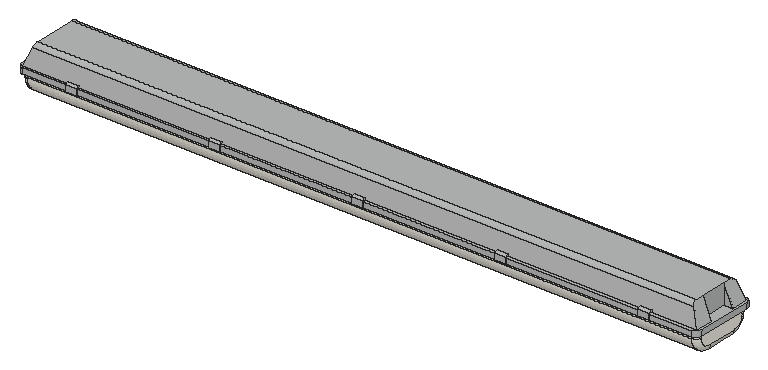
Revit family "SLIM", category Осветительные приборы, Revit 2019 (continued)
Types (5, lengths in mm): name | Файл фотометрической сетки | built-in parameter 1150142 | ADSK_Обозначение | ADSK_Наименование | ADSK_Код изделия
    7.581 24.983 \r\n22.684 20.486 18.587 16.888 15.190 13.591 10.893 8.194 5.396 2.698 0.000 \r\n1407.335 1403.038 1398.141 1397.042 1398.141 1395.743 1387.648 1378.455 1365.763 1349.375 1329.288 1307.903 1290.215 1274.626 1255.739 1233.654 1209.271 1182.389 \r\n1153.409 1120.132 1087.154 1054.976 1018.901 981.327 939.656 895.985 852.515 814.242 779.166 748.587 716.309 682.932 643.559 597.890 551.322 505.253 458.985 412.417 369.347 328.775 \r\n290.401 255.924 225.845 199.763 176.679 157.692 142.302 128.912 117.020 106.127 96.734 88.239 80.745 74.049 68.053 62.557 57.660 52.864 48.567 44.470 37.774 34.276 31.179 28.480 25.782 \r\n23.384 21.185 19.187 17.388 15.689 13.990 11.192 8.394 5.596 2.798 0.000 \r\n1407.335 1403.038 1398.241 1397.442 1398.941 1396.942 1389.147 1380.253 1367.762 1351.473 1331.587 1310.301 1292.913 1277.824 1259.236 1237.451 1213.368 1186.786 \r\n1158.106 1125.128 1092.351 1060.473 1024.697 987.123 945.552 901.981 858.411 820.138 785.261 754.982 722.904 689.727 650.454 604.685 557.917 511.649 465.281 418.313 375.143 334.271 \r\n295.697 261.021 230.742 204.460 180.976 161.689 145.900 132.009 119.918 108.725 99.132 90.338 82.643 75.848 69.652 64.056 59.059 54.163 49.766 45.469 38.973 35.376 32.078 29.380 26.582 \r\n24.083 21.885 19.886 17.988 16.189 14.490 11.592 8.694 5.796 2.898 0.000 \r\n1407.335 1403.038 1398.441 1397.841 1399.840 1398.141 1390.646 1381.952 1369.761 1353.672 1333.785 1312.700 1295.511 1280.921 1262.734 1241.249 1217.565 1191.283 \r\n1162.803 1130.025 1097.547 1065.869 1030.393 993.019 951.447 907.977 864.207 826.033 791.257 761.278 729.600 696.622 657.349 611.481 564.513 518.045 471.477 424.209 380.839 339.667 \r\n300.994 266.018 235.538 209.057 185.273 165.686 149.398 135.207 122.716 111.324 101.430 92.537 84.642 77.647 71.351 65.555 60.459 55.462 50.865 46.568 40.172 36.375 33.077 30.279 27.381 \r\n24.783 22.485 20.486 18.487 16.689 14.890 11.892 8.894 5.996 2.998 0.000 \r\n1407.335 1403.038 1398.541 1398.241 1400.639 1399.440 1392.145 1383.751 1371.759 1355.870 1336.084 1315.098 1298.210 1284.119 1266.232 1245.046 1221.662 1195.780 \r\n1167.599 1134.922 1102.644 1071.365 1036.089 998.915 957.343 913.873 870.003 831.929 797.253 767.673 736.195 703.517 664.244 618.276 571.008 524.340 477.672 430.205 386.535 345.163 \r\n306.190 271.114 240.435 213.653 189.570 169.584 152.995 138.405 125.614 113.922 103.829 94.635 86.641 79.446 72.950 67.054 61.858 56.761 52.064 47.667 41.372 37.474 34.077 31.179 28.181 \r\n25.582 23.184 21.086 18.987 17.188 15.290 12.292 9.194 6.096 3.098 0.000 \r\n1407.335 1403.038 1398.641 1398.741 1401.439 1400.639 1393.644 1385.550 1373.758 1357.969 1338.282 1317.396 1300.908 1287.217 1269.729 1248.843 1225.759 1200.177 \r\n1172.296 1139.818 1107.840 1076.861 1041.786 1004.711 963.339 919.869 875.899 837.825 803.249 774.069 742.890 710.413 671.140 624.971 577.604 530.736 483.968 436.101 392.231 350.660 \r\n311.486 276.211 245.232 218.250 193.867 173.581 156.493 141.603 128.512 116.520 106.127 96.734 88.539 81.244 74.549 68.553 63.257 57.960 53.263 48.667 42.471 38.574 34.976 32.078 28.980 \r\n26.282 23.784 21.685 19.587 17.688 15.789 12.591 9.493 6.296 3.198 0.000 \r\n1407.335 1403.038 1398.741 1399.140 1402.338 1401.839 1395.143 1387.348 1375.756 1360.167 1340.581 1319.795 1303.606 1290.315 1273.127 1252.641 1229.956 1204.674 \r\n1176.993 1144.815 1113.037 1082.258 1047.482 1010.607 969.235 925.765 881.695 843.721 809.345 780.365 749.486 717.308 678.135 631.767 584.199 537.132 490.164 441.997 397.927 356.156 \r\n316.783 281.207 250.128 222.947 198.164 177.478 160.090 144.801 131.310 119.118 108.526 98.932 90.538 83.043 76.248 70.152 64.656 59.259 54.363 49.766 43.670 39.573 35.975 32.977 29.780 \r\n26.981 24.483 22.285 20.086 18.188 16.189 12.991 9.693 6.496 3.198 0.000 \r\n1407.335 1403.038 1398.841 1399.540 1403.138 1403.038 1396.642 1389.047 1377.655 1362.266 1342.779 1322.193 1306.304 1293.513 1276.624 1256.438 1234.054 1209.071 \r\n1181.690 1149.711 1118.233 1087.754 1053.178 1016.503 975.131 931.761 887.491 849.617 815.341 786.760 756.181 724.203 685.030 638.562 590.795 543.427 496.460 447.893 403.623 361.652 \r\n321.979 286.304 255.025 227.544 202.461 181.476 163.588 147.998 134.208 121.717 110.924 101.031 92.537 84.842 77.947 71.651 66.055 60.558 55.562 50.765 44.869 40.672 36.975 33.777 30.679 \r\n27.781 25.183 22.884 20.686 18.587 16.589 13.291 9.993 6.695 3.298 0.000 \r\n1407.335 1403.038 1398.941 1400.040 1404.037 1404.237 1398.241 1390.846 1379.654 1364.464 1345.077 1324.592 1308.902 1296.611 1280.122 1260.236 1238.251 1213.568 \r\n1186.486 1154.608 1123.330 1093.250 1058.874 1022.299 981.027 937.757 893.287 855.413 821.337 793.056 762.777 730.999 691.925 645.357 597.390 549.823 502.655 453.889 409.319 367.048 \r\n327.276 291.300 259.822 232.141 206.758 185.473 167.085 151.196 137.106 124.315 113.222 103.229 94.435 86.541 79.545 73.150 67.454 61.858 56.761 51.864 46.068 41.771 37.974 34.676 31.478 \r\n28.480 25.782 23.484 21.185 19.087 17.088 13.691 10.193 6.795 3.398 0.000 \r\n1407.335 1403.138 1399.040 1400.440 1404.837 1405.536 1399.740 1392.645 1381.652 1366.663 1347.276 1326.890 1311.600 1299.809 1283.620 1264.033 1242.348 1218.065 \r\n1191.183 1159.605 1128.526 1098.647 1064.670 1028.195 987.023 943.653 899.183 861.309 827.433 799.452 769.472 737.894 698.821 652.153 603.986 556.219 508.851 459.785 415.015 372.544 \r\n332.572 296.397 264.718 236.838 211.055 189.370 170.683 154.394 140.004 126.913 115.621 105.328 96.434 88.339 81.144 74.649 68.853 63.157 57.860 52.964 47.168 42.771 38.973 35.576 32.278 \r\n29.180 26.482 24.083 21.785 19.587 17.488 13.990 10.493 6.995 3.498 0.000 \r\n1407.335 1403.138 1399.240 1400.839 1405.636 1406.735 1401.239 1394.444 1383.651 1368.761 1349.474 1329.288 1314.299 1302.906 1287.117 1267.830 1246.545 1222.462 \r\n1195.880 1164.501 1133.722 1104.143 1070.366 1034.091 992.919 949.649 904.979 867.205 833.428 805.847 776.068 744.789 705.816 658.848 610.481 562.514 515.047 465.681 420.711 378.041 \r\n337.768 301.393 269.515 241.434 215.352 193.367 174.181 157.592 142.802 129.511 117.919 107.526 98.333 90.138 82.843 76.148 70.252 64.356 59.059 53.963 48.367 43.870 39.873 36.475 33.077 \r\n29.979 27.181 24.683 22.285 20.086 17.988 14.390 10.793 7.195 3.598 0.000 \r\n1407.335 1403.138 1399.340 1401.239 1406.535 1407.934 1402.738 1396.142 1385.650 1370.960 1351.773 1331.687 1316.997 1306.104 1290.615 1271.628 1250.642 1226.959 \r\n1200.577 1169.398 1138.819 1109.539 1076.062 1039.887 998.815 955.645 910.775 873.101 839.424 812.143 782.663 751.684 712.711 665.643 617.077 568.910 521.342 471.677 426.408 383.537 \r\n343.065 306.490 274.412 246.031 219.649 197.265 177.778 160.690 145.700 132.109 120.317 109.625 100.331 91.937 84.442 77.647 71.651 65.655 60.259 55.062 49.566 44.969 40.872 37.374 \r\n33.877 30.679 27.781 25.283 22.884 20.586 18.387 14.690 10.992 7.395 3.697 0.000 \r\n1407.335 1403.138 1399.440 1401.739 1407.335 1409.134 1404.237 1397.941 1387.648 1373.158 1353.971 1334.085 1319.595 1309.202 1294.112 1275.425 1254.839 1231.355 \r\n1205.273 1174.295 1144.015 1115.035 1081.758 1045.783 1004.711 961.541 916.671 878.997 845.420 818.539 789.359 758.580 719.606 672.439 623.672 575.305 527.538 477.572 432.104 \r\n388.933 348.361 311.586 279.209 250.628 223.946 201.262 181.276 163.888 148.598 134.708 122.716 111.823 102.330 93.736 86.141 79.146 73.050 66.954 61.358 56.161 50.765 46.068 41.871 \r\n38.274 34.676 31.378 28.480 25.882 23.384 21.086 18.787 15.090 11.292 7.495 3.797 0.000 \r\n1407.335 1403.138 1399.540 1402.138 1408.234 1410.433 1405.736 1399.740 1389.647 1375.257 1356.270 1336.483 1322.293 1312.300 1297.610 1279.223 1258.937 1235.852 \r\n1210.070 1179.291 1149.212 1120.531 1087.454 1051.579 1010.607 967.536 922.467 884.893 851.516 824.934 795.954 765.475 726.502 679.234 630.268 581.601 533.834 483.468 437.800 \r\n394.429 353.558 316.583 284.105 255.325 228.243 205.159 184.873 167.085 151.396 137.306 125.014 113.922 104.229 95.534 87.740 80.745 74.349 68.253 62.557 57.161 51.964 47.068 42.771 \r\n39.173 35.476 32.178 29.180 26.482 23.884 21.585 19.287 15.389 11.592 7.695 3.897 0.000 \r\n1407.335 1403.138 1399.640 1402.538 1409.034 1411.632 1407.235 1401.439 1391.646 1377.455 1358.468 1338.782 1324.991 1315.498 1301.108 1283.020 1263.134 1240.349 \r\n1214.767 1184.188 1154.408 1125.928 1093.150 1057.475 1016.603 973.432 928.263 890.789 857.512 831.230 802.650 772.270 733.497 685.930 636.763 587.997 540.030 489.364 443.496 \r\n399.926 358.854 321.679 288.902 259.922 232.541 209.157 188.371 170.283 154.294 139.904 127.413 116.120 106.227 97.333 89.439 82.244 75.748 69.452 63.756 58.260 53.164 48.167 43.770 \r\n40.073 36.275 32.877 29.780 27.081 24.483 22.085 19.686 15.789 11.792 7.895 3.897 0.000 \r\n1407.335 1403.138 1399.540 1402.138 1408.234 1410.433 1405.736 1399.740 1389.647 1375.257 1356.270 1336.483 1322.293 1312.300 1297.610 1279.223 1258.937 1235.852 \r\n1210.070 1179.291 1149.212 1120.531 1087.454 1051.579 1010.607 967.536 922.467 884.893 851.516 824.934 795.954 765.475 726.502 679.234 630.268 581.601 533.834 483.468 437.800 \r\n394.429 353.558 316.583 284.105 255.325 228.243 205.159 184.873 167.085 151.396 137.306 125.014 113.922 104.229 95.534 87.740 80.745 74.349 68.253 62.557 57.161 51.964 47.068 42.771 \r\n39.173 35.476 32.178 29.180 26.482 23.884 21.585 19.287 15.389 11.592 7.695 3.897 0.000 \r\n1407.335 1403.138 1399.440 1401.739 1407.335 1409.134 1404.237 1397.941 1387.648 1373.158 1353.971 1334.085 1319.595 1309.202 1294.112 1275.425 1254.839 1231.355 \r\n1205.273 1174.295 1144.015 1115.035 1081.758 1045.783 1004.711 961.541 916.671 878.997 845.420 818.539 789.359 758.580 719.606 672.439 623.672 575.305 527.538 477.572 432.104 \r\n388.933 348.361 311.586 279.209 250.628 223.946 201.262 181.276 163.888 148.598 134.708 122.716 111.823 102.330 93.736 86.141 79.146 73.050 66.954 61.358 56.161 50.765 46.068 41.871 \r\n38.274 34.676 31.378 28.480 25.882 23.384 21.086 18.787 15.090 11.292 7.495 3.797 0.000 \r\n1407.335 1403.138 1399.340 1401.239 1406.535 1407.934 1402.738 1396.142 1385.650 1370.960 1351.773 1331.687 1316.997 1306.104 1290.615 1271.628 1250.642 1226.959 \r\n1200.577 1169.398 1138.819 1109.539 1076.062 1039.887 998.815 955.645 910.775 873.101 839.424 812.143 782.663 751.684 712.711 665.643 617.077 568.910 521.342 471.677 426.408 383.537 \r\n343.065 306.490 274.412 246.031 219.649 197.265 177.778 160.690 145.700 132.109 120.317 109.625 100.331 91.937 84.442 77.647 71.651 65.655 60.259 55.062 49.566 44.969 40.872 37.374 \r\n33.877 30.679 27.781 25.283 22.884 20.586 18.387 14.690 10.992 7.395 3.697 0.000 \r\n1407.335 1403.138 1399.240 1400.839 1405.636 1406.735 1401.239 1394.444 1383.651 1368.761 1349.474 1329.288 1314.299 1302.906 1287.117 1267.830 1246.545 1222.462 \r\n1195.880 1164.501 1133.722 1104.143 1070.366 1034.091 992.919 949.649 904.979 867.205 833.428 805.847 776.068 744.789 705.816 658.848 610.481 562.514 515.047 465.681 420.711 378.041 \r\n337.768 301.393 269.515 241.434 215.352 193.367 174.181 157.592 142.802 129.511 117.919 107.526 98.333 90.138 82.843 76.148 70.252 64.356 59.059 53.963 48.367 43.870 39.873 36.475 33.077 \r\n29.979 27.181 24.683 22.285 20.086 17.988 14.390 10.793 7.195 3.598 0.000 \r\n1407.335 1403.138 1399.040 1400.440 1404.837 1405.536 1399.740 1392.645 1381.652 1366.663 1347.276 1326.890 1311.600 1299.809 1283.620 1264.033 1242.348 1218.065 \r\n1191.183 1159.605 1128.526 1098.647 1064.670 1028.195 987.023 943.653 899.183 861.309 827.433 799.452 769.472 737.894 698.821 652.153 603.986 556.219 508.851 459.785 415.015 372.544 \r\n332.572 296.397 264.718 236.838 211.055 189.370 170.683 154.394 140.004 126.913 115.621 105.328 96.434 88.339 81.144 74.649 68.853 63.157 57.860 52.964 47.168 42.771 38.973 35.576 32.278 \r\n29.180 26.482 24.083 21.785 19.587 17.488 13.990 10.493 6.995 3.498 0.000 \r\n1407.335 1403.038 1398.941 1400.040 1404.037 1404.237 1398.241 1390.846 1379.654 1364.464 1345.077 1324.592 1308.902 1296.611 1280.122 1260.236 1238.251 1213.568 \r\n1186.486 1154.608 1123.330 1093.250 1058.874 1022.299 981.027 937.757 893.287 855.413 821.337 793.056 762.777 730.999 691.925 645.357 597.390 549.823 502.655 453.889 409.319 367.048 \r\n327.276 291.300 259.822 232.141 206.758 185.473 167.085 151.196 137.106 124.315 113.222 103.229 94.435 86.541 79.545 73.150 67.454 61.858 56.761 51.864 46.068 41.771 37.974 34.676 31.478 \r\n28.480 25.782 23.484 21.185 19.087 17.088 13.691 10.193 6.795 3.398 0.000 \r\n1407.335 1403.038 1398.841 1399.540 1403.138 1403.038 1396.642 1389.047 1377.655 1362.266 1342.779 1322.193 1306.304 1293.513 1276.624 1256.438 1234.054 1209.071 \r\n1181.690 1149.711 1118.233 1087.754 1053.178 1016.503 975.131 931.761 887.491 849.617 815.341 786.760 756.181 724.203 685.030 638.562 590.795 543.427 496.460 447.893 403.623 361.652 \r\n321.979 286.304 255.025 227.544 202.461 181.476 163.588 147.998 134.208 121.717 110.924 101.031 92.537 84.842 77.947 71.651 66.055 60.558 55.562 50.765 44.869 40.672 36.975 33.777 30.679 \r\n27.781 25.183 22.884 20.686 18.587 16.589 13.291 9.993 6.695 3.298 0.000 \r\n1407.335 1403.038 1398.741 1399.140 1402.338 1401.839 1395.143 1387.348 1375.756 1360.167 1340.581 1319.795 1303.606 1290.315 1273.127 1252.641 1229.956 1204.674 \r\n1176.993 1144.815 1113.037 1082.258 1047.482 1010.607 969.235 925.765 881.695 843.721 809.345 780.365 749.486 717.308 678.135 631.767 584.199 537.132 490.164 441.997 397.927 356.156 \r\n316.783 281.207 250.128 222.947 198.164 177.478 160.090 144.801 131.310 119.118 108.526 98.932 90.538 83.043 76.248 70.152 64.656 59.259 54.363 49.766 43.670 39.573 35.975 32.977 29.780 \r\n26.981 24.483 22.285 20.086 18.188 16.189 12.991 9.693 6.496 3.198 0.000 \r\n1407.335 1403.038 1398.641 1398.741 1401.439 1400.639 1393.644 1385.550 1373.758 1357.969 1338.282 1317.396 1300.908 1287.217 1269.729 1248.843 1225.759 1200.177 \r\n1172.296 1139.818 1107.840 1076.861 1041.786 1004.711 963.339 919.869 875.899 837.825 803.249 774.069 742.890 710.413 671.140 624.971 577.604 530.736 483.968 436.101 392.231 350.660 \r\n311.486 276.211 245.232 218.250 193.867 173.581 156.493 141.603 128.512 116.520 106.127 96.734 88.539 81.244 74.549 68.553 63.257 57.960 53.263 48.667 42.471 38.574 34.976 32.078 28.980 \r\n26.282 23.784 21.685 19.587 17.688 15.789 12.591 9.493 6.296 3.198 0.000 \r\n1407.335 1403.038 1398.541 1398.241 1400.639 1399.440 1392.145 1383.751 1371.759 1355.870 1336.084 1315.098 1298.210 1284.119 1266.232 1245.046 1221.662 1195.780 \r\n1167.599 1134.922 1102.644 1071.365 1036.089 998.915 957.343 913.873 870.003 831.929 797.253 767.673 736.195 703.517 664.244 618.276 571.008 524.340 477.672 430.205 386.535 345.163 \r\n306.190 271.114 240.435 213.653 189.570 169.584 152.995 138.405 125.614 113.922 103.829 94.635 86.641 79.446 72.950 67.054 61.858 56.761 52.064 47.667 41.372 37.474 34.077 31.179 28.181 \r\n25.582 23.184 21.086 18.987 17.188 15.290 12.292 9.194 6.096 3.098 0.000 \r\n1407.335 1403.038 1398.441 1397.841 1399.840 1398.141 1390.646 1381.952 1369.761 1353.672 1333.785 1312.700 1295.511 1280.921 1262.734 1241.249 1217.565 1191.283 \r\n1162.803 1130.025 1097.547 1065.869 1030.393 993.019 951.447 907.977 864.207 826.033 791.257 761.278 729.600 696.622 657.349 611.481 564.513 518.045 471.477 424.209 380.839 339.667 \r\n300.994 266.018 235.538 209.057 185.273 165.686 149.398 135.207 122.716 111.324 101.430 92.537 84.642 77.647 71.351 65.555 60.459 55.462 50.865 46.568 40.172 36.375 33.077 30.279 27.381 \r\n24.783 22.485 20.486 18.487 16.689 14.890 11.892 8.894 5.996 2.998 0.000 \r\n1407.335 1403.038 1398.241 1397.442 1398.941 1396.942 1389.147 1380.253 1367.762 1351.473 1331.587 1310.301 1292.913 1277.824 1259.236 1237.451 1213.368 1186.786 \r\n1158.106 1125.128 1092.351 1060.473 1024.697 987.123 945.552 901.981 858.411 820.138 785.261 754.982 722.904 689.727 650.454 604.685 557.917 511.649 465.281 418.313 375.143 334.271 \r\n295.697 261.021 230.742 204.460 180.976 161.689 145.900 132.009 119.918 108.725 99.132 90.338 82.643 75.848 69.652 64.056 59.059 54.163 49.766 45.469 38.973 35.376 32.078 29.380 26.582 \r\n24.083 21.885 19.886 17.988 16.189 14.490 11.592 8.694 5.796 2.898 0.
